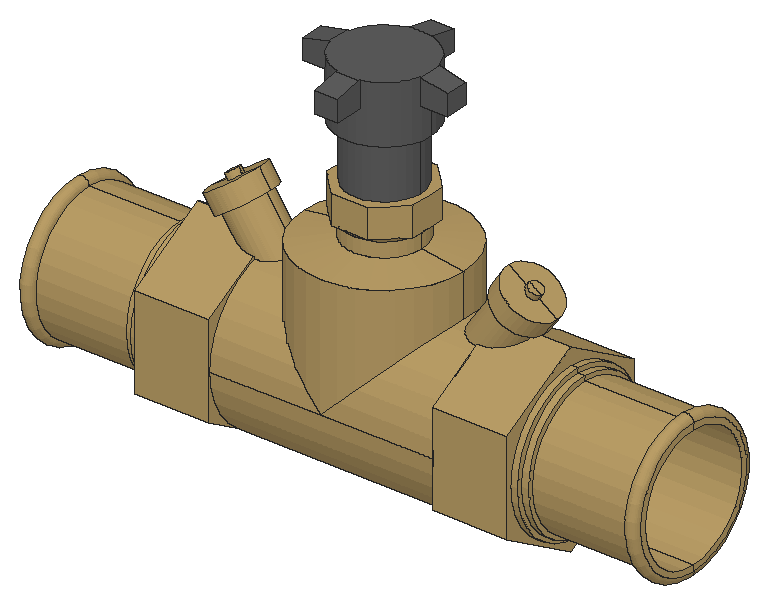
Revit family "oventrop_hycocon-vpz_1061751-60rfa", category Арматура трубопроводов, Revit 2017
Family settings
  Размер круглого соединителя = Использовать радиус
  Тип детали = Клапан - Вставляется
  Номер OmniClass = 23.65.55.14.17
  Заголовок OmniClass = Adjusting/Controlling Valves for Liquid Services
  На основе рабочей плоскости = Нет
  Всегда вертикально = Да
  При загрузке вырезать с полостями = Нет
  Общий = Нет
Parameters (values of type "DN 40-42 mm")
  t2 = Female_Port_Width / 5  # 5.140 mm
  e2 = PressConnection_Dimension / 16  # 2.344 mm
  built-in parameter 1114242 [instance] = 1
  Stabu Code = ""
  Revit Version = "2015"  # constant formula
  Product Line = "Oventrop"  # constant formula
  PressConnection_Dimension = 37.500 mm
  MEPcontent Class = "VALVE_BALANCING"  # constant formula
  Language = ""
  IFCExportType = "PRESSUREREDUCING"
  IFCExportAs = "IfcValveType"
  Function Code [instance] = ""
  Female_Port_Width = 25.700 mm
  Family Version = "10.14"  # constant formula
  ETIM Article Class = "EC011463"
  EMCS Version = "2.0"  # constant formula
  Custom = no
  CB-NL Class = ""
  Bonnet_width = if(NominalDiameter < 30.000 mm, 38.000 mm, 50.000 mm)  # 50.000 mm
  Wholesaler Art. No. = ""
  Wholesaler = ""
  URL = "http://file-system.ru/catalog/zdaniya_i_sooruzheniya/kommunikatsii/oborudovanie_dlya_sistem_vodosnabzheniya_i_vodootvedeniya/hycocon_vpz_ventil_reguliruyushchiy/"
  SW2 = Nut_Dimension / sqrt(3 / 4)  # 63.509 mm
  Nut_Dimension = 55.000 mm
  Rad5 = 10.000 mm  # constant formula
  Rad4_a = (2 * Rad4) / (1 + sqrt(2))  # 12.426 mm
  Rad4 = 15.000 mm  # constant formula
  Rad3 = Rad4 - 2.000 mm  # 13.000 mm
  Rad2 = (Nut_Dimension / 2)  # 27.500 mm
  Rad1 = Diameter / 2  # 21.000 mm
  Pressure Drop = 0.0 Pa
  Diameter = 42.000 mm
  Radius [instance] = Diameter / 2  # 21.000 mm
  NominalDiameter = 40.000 mm
  Группа модели = "Hycocon VPZ 10617"
  Изготовитель = "Oventrop"  # constant formula
  L1 = 0.85 * NominalDiameter + 15.000 mm  # 49.000 mm
  Length = 139.000 mm
  Internal Art. No. = ""
  H2 = (SW2 / 2) / sin(Angle) + (Rad5 / tan(Angle)) + 1.000 mm  # 46.767 mm
  H1 = Height - 53.000 mm - 5.000 mm  # 42.000 mm
  Height = 100.000 mm
  GTIN = "4026755343731"
  Описание = "Brass balancing valve both ports press connection"  # constant formula
  Manufacturer URL = "http://www.oventrop.de/ArticleInfo.aspx?art=1061760"
  D = 60.000 mm
  Brass = Color RGB 168-128-48
  Bonnet = Color RGB 35-35-35
  Article Type = "Hycocon VPZ 10617"  # constant formula
  Article Description = "Brass balancing valve both ports press connection"  # constant formula
  Angle = 55.00°  # constant formula
  Manufacturer Art. No. = "1061760"
Types (6, lengths in mm): name | t2 | e2 | PressConnection_Dimension | Female_Port_Width | Bonnet_width | URL | SW2 | Nut_Dimension | Rad2 | Rad1 | Diameter | Radius | NominalDiameter | L1 | Length | H2 | H1 | Height | GTIN | Manufacturer URL | D | Manufacturer Art. No.
  DN 15-15 mm | 2.640 | 1.125 | 18.000 | 13.200 | 38.000 | "www.stabiplan.com" | 31.177 | 27.000 | 13.500 | 7.500 | 15.000 | 7.500 | 15.000 | 27.750 | 85.000 | 27.032 | 19.000 | 77.000 | "4026755343687" | "http://www.oventrop.de/ArticleInfo.aspx?art=1061751" | 21.000 | "1061751"
  DN 15-18 mm | 2.100 | 1.250 | 20.000 | 10.500 | 38.000 | "www.stabiplan.com" | 31.177 | 27.000 | 13.500 | 9.000 | 18.000 | 9.000 | 15.000 | 27.750 | 85.000 | 27.032 | 19.000 | 77.000 | "4026755343694" | "http://www.oventrop.de/ArticleInfo.aspx?art=1061752" | 26.000 | "1061752"
  DN 20-22 mm | 3.360 | 1.500 | 24.000 | 16.800 | 38.000 | "www.stabiplan.com" | 36.950 | 32.000 | 16.000 | 11.000 | 22.000 | 11.000 | 20.000 | 32.000 | 89.000 | 30.556 | 21.000 | 79.000 | "4026755343700" | "http://www.oventrop.de/ArticleInfo.aspx?art=1061754" | 33.000 | "1061754"
  DN 25-28 mm | 3.820 | 1.688 | 27.000 | 19.100 | 38.000 | "www.stabiplan.com" | 47.343 | 41.000 | 20.500 | 14.000 | 28.000 | 14.000 | 25.000 | 36.250 | 99.000 | 36.899 | 23.000 | 81.000 | "4026755343717" | "http://www.oventrop.de/ArticleInfo.aspx?art=1061756" | 42.000 | "1061756"
  DN 32-35 mm | 3.820 | 2.000 | 32.000 | 19.100 | 50.000 | "www.stabiplan.com" | 57.735 | 50.000 | 25.000 | 17.500 | 35.000 | 17.500 | 32.000 | 42.200 | 124.000 | 43.243 | 33.000 | 91.000 | "4026755343724" | "http://www.oventrop.de/ArticleInfo.aspx?art=1061758" | 48.000 | "1061758"
  DN 40-42 mm | 5.140 | 2.344 | 37.500 | 25.700 | 50.000 | "http://file-system.ru/catalog/zdaniya_i_sooruzheniya/kommunikatsii/oborudovanie_dlya_sistem_vodosnabzheniya_i_vodootvedeniya/hycocon_vpz_ventil_reguliruyushchiy/" | 63.509 | 55.000 | 27.500 | 21.000 | 42.000 | 21.000 | 40.000 | 49.000 | 139.000 | 46.767 | 42.000 | 100.000 | "4026755343731" | "http://www.oventrop.de/ArticleInfo.aspx?art=1061760" | 60.000 | "1061760"
Reference planes
  plane 1 "Center (Front/Back)": y = 0
  plane 2: z = 0
  plane 3 "Center (Left/Right)": x = 0
  plane 4: x = 69.5
  plane 5: x = -69.5
  plane 6: x = -43.8
  plane 7: x = 43.8
  plane 8: z = 100
  plane 9: z = 85
  plane 10: z = 91
  plane 11: z = 80
  plane 12: z = 61
  plane 13: z = 51
  plane 14: z = 49
  plane 15: z = 42
  plane 16: z = 98
  plane 17: y = 27.5
  plane 18: y = -27.5
  plane 19: z = 31.754
  plane 20: z = -31.754
  plane 21: x = -38.66
  plane 22: x = 38.66
  plane 23: x = -25
  plane 24: x = 25
  plane 25: x = 16
  plane 26: x = -16
  plane 27: x = -4
  plane 28: x = 4
  plane 29: y = 4
  plane 30: y = -4
  plane 31: y = 16
  plane 32: y = 25
  plane 33: y = -16
  plane 34: y = -25
  plane 35: x = -15
  plane 36: x = 15
  plane 37: x = 13
  plane 38: z = 44
  plane 39: x = 27.5
  plane 40: x = -6.213
  plane 41: x = 6.213
  plane 42: y = 6.213
  plane 43: y = 15
  plane 44: y = -6.213
  plane 45: y = -15
  plane 46: x = -20.5
  plane 47: x = 20.5
  plane 48: x = -107
  plane 49: x = 107
  plane 50: x = 64.36
  plane 51: x = 66.93
  plane 52: x = -64.36
  plane 53: x = -66.93
Forms (mm)
  Extrusion 1, solid, material "Color RGB 168-128-48" <- "Brass", detail levels fine
    sketch origin (0, 0, 0) x (0, 1, 0) y (0, 0, 1)
      loop
        line (0, 31.754) -> (-27.5, 15.877) -> (-27.5, -15.877) -> (0, -31.754) -> (27.5, -15.877) -> (27.5, 15.877) -> (0, 31.754)
    from 38.66 to 64.36
  Extrusion 2, solid, material "Color RGB 168-128-48" <- "Brass", detail levels fine
    sketch origin (0, 0, 0) x (0, 1, 0) y (0, 0, 1)
      loop
        line (0, 31.754) -> (-27.5, 15.877) -> (-27.5, -15.877) -> (0, -31.754) -> (27.5, -15.877) -> (27.5, 15.877) -> (0, 31.754)
    from -38.66 to -64.36
  Extrusion 3, solid, material "Color RGB 168-128-48" <- "Brass", detail levels fine
    sketch origin (0, 0, 0) x (0, 1, 0) y (0, 0, 1)
      loop
        circle (0, 0) r 21
    from 38.66 to 69.5
  Extrusion 4, solid, material "Color RGB 168-128-48" <- "Brass", detail levels fine
    sketch origin (0, 0, 0) x (0, 1, 0) y (0, 0, 1)
      loop
        circle (0, 0) r 27.5
    from -38.66 to 38.66
  Extrusion 5, solid, material "Color RGB 168-128-48" <- "Brass", detail levels fine
    sketch origin (0, 0, 0) x (0, 1, 0) y (0, 0, 1)
      loop
        circle (0, 0) r 21
    from -38.66 to -69.5
  Revolve 6, solid, material "Color RGB 35-35-35" <- "Bonnet", detail levels fine
    sketch origin (0, 0, 0) x (1, 0, 0) y (0, 0, 1)
      loop
        line (0, 100) -> (0, 61) -> (12.5, 61) -> (12.5, 80) -> (16, 80) -> (16, 100) -> (0, 100)
      axis (0, 100) -> (0, 61)
    angle from 0 to 360
  Extrusion 7, solid, material "Color RGB 35-35-35" <- "Bonnet", detail levels fine
    sketch origin (0, 0, 0) x (1, 0, 0) y (0, 0, 1)
      loop
        line (-16, 100) -> (-25, 98) -> (-25, 91) -> (25, 91) -> (25, 98) -> (16, 100) -> (-16, 100)
    from -4 to 4
  Extrusion 8, solid, material "Color RGB 35-35-35" <- "Bonnet", detail levels fine
    sketch origin (0, 0, 0) x (0, 1, 0) y (0, 0, 1)
      loop
        line (16, 100) -> (-16, 100) -> (-25, 98) -> (-25, 91) -> (25, 91) -> (25, 98) -> (16, 100)
    from -4 to 4
  Revolve 9, solid, material "Color RGB 168-128-48" <- "Brass", detail levels fine
    sketch origin (0, 0, 0) x (1, 0, 0) y (0, 0, 1)
      loop
        line (0, 61) -> (0, 0) -> (27.5, 0) -> (27.5, 42) -> (13, 44) -> (13, 49) -> (15, 51) -> (15, 61) -> (0, 61)
      axis (0, 61) -> (0, 0)
    angle from 0 to 360
  Extrusion 10, solid, material "Color RGB 168-128-48" <- "Brass", detail levels fine
    sketch origin (73.299, -1524, 51) x (0, -1, 0) y (-1, 0, 0)
      loop
        line (-1539, 79.512) -> (-1539, 67.086) -> (-1530.213, 58.299) -> (-1517.787, 58.299) -> (-1509, 67.086) -> (-1509, 79.512) -> (-1517.787, 88.299) -> (-1530.213, 88.299) -> (-1539, 79.512)
    from 0 to -10
  Revolve 11, solid, material "Color RGB 168-128-48" <- "Brass", detail levels fine
    sketch origin (-20.5, 0, 0) x (-0.573576, 0, 0.819152) y (-0.819152, 0, -0.573576)
      loop
        line (0, 0) -> (0, -8) -> (46.767, -8) -> (46.767, -10) -> (53.767, -10) -> (53.767, -2.5) -> (55.767, -2.5) -> (55.767, 0) -> (0, 0)
      axis (0, 0) -> (55.767, 0)
    angle from 0 to 360
  Revolve 12, solid, material "Color RGB 168-128-48" <- "Brass", detail levels fine
    sketch origin (20.5, 0, 0) x (0.573576, 0, 0.819152) y (-0.819152, 0, 0.573576)
      loop
        line (0, 0) -> (0, -8) -> (46.767, -8) -> (46.767, -10) -> (53.767, -10) -> (53.767, -2.5) -> (55.767, -2.5) -> (55.767, 0) -> (0, 0)
      axis (0, 0) -> (55.767, 0)
    angle from 0 to 360
  Revolve 13, solid, material "Color RGB 168-128-48" <- "Brass", detail levels fine
    sketch origin (0, 0, 0) x (1, 0, 0) y (0, 0, 1)
      loop
        line (-69.5, 23) -> (-102.313, 23)
        arc (-102.313, 23) -> (-104.656, 25.344) -> (-107, 23) r 2.344
        line (-107, 23) -> (-107, 21) -> (-64.36, 21) -> (-64.36, 26) -> (-66.93, 26) -> (-66.93, 24.5) -> (-69.5, 24.5) -> (-69.5, 23)
      loop
        line (69.5, 23) -> (69.5, 24.5) -> (66.93, 24.5) -> (66.93, 26) -> (64.36, 26) -> (64.36, 21) -> (107, 21) -> (107, 23)
        arc (107, 23) -> (104.656, 25.344) -> (102.312, 23) r 2.344
        line (102.312, 23) -> (69.5, 23)
      axis (-107, 0) -> (107, 0)
    angle from 0 to 360
Cuts and joins
  joined: Revolve 6, Extrusion 7, Extrusion 8
  joined: Extrusion 4, Revolve 9, Extrusion 10, Revolve 11, Revolve 12
Lines and regions (mm)
  reference lines
    curve 1: line (0, 0, 31.754) -> (0, -55, 0)
    curve 2: line (0, 0, -31.754) -> (0, 55, 0)
    curve 3: line (0, 0, -31.754) -> (0, -55, 0)
    curve 4: line (0, 0, 31.754) -> (0, 55, 0)
    curve 5: line (-20.5, 0, 0) -> (-57.782, 0, 53.245)
    curve 6: line (20.5, 0, 0) -> (57.782, 0, 53.245)
  model lines, style "Accessories", detail levels coarse+medium
    curve 7: circle (0, 0, 0) r 21 normal (1, 0, 0)
    curve 8: line (-69.5, 0, 31.754) -> (-69.5, 0, -31.754)
    curve 9: line (69.5, 0, -31.754) -> (69.5, 0, 31.754)
    curve 10: line (69.5, 0, 31.754) -> (-69.5, 0, -31.754)
    curve 11: line (-69.5, 0, 31.754) -> (69.5, 0, -31.754)
    curve 12: line (-69.5, 27.5, 0) -> (-69.5, -27.5, 0)
    curve 13: line (69.5, -27.5, 0) -> (69.5, 27.5, 0)
    curve 14: line (69.5, 27.5, 0) -> (-69.5, -27.5, 0)
    curve 15: line (-69.5, 27.5, 0) -> (69.5, -27.5, 0)
Dimensions and locks
  equal spacing: plane 17, plane 1 "Center (Front/Back)", plane 18
  "Nut_Dimension": plane 17 to plane 18
  equal spacing: plane 19, level, plane 20
  "SW2": plane 19 to plane 20
  equal spacing: curve 4, plane 1 "Center (Front/Back)", curve 3
  "Nut_Dimension": curve 4 to curve 3
  equal spacing: curve 2, plane 1 "Center (Front/Back)", curve 1
  "Nut_Dimension": curve 2 to curve 1
  "Female_Port_Width": plane 4 to plane 7
  "Female_Port_Width": plane 5 to plane 6
  "t2": plane 21 to plane 6
  "t2": plane 22 to plane 7
  "H1": plane 15 to level
  "Height": plane 8 to level
  locked: plane 8 to plane 16 at 2
  locked: plane 8 to plane 10 at 9
  locked: plane 10 to plane 9 at 6
  locked: plane 9 to plane 11 at 5
  locked: plane 11 to plane 12 at 19
  locked: plane 12 to plane 13 at 10
  locked: plane 13 to plane 14 at 2
  equal spacing: plane 24, plane 3 "Center (Left/Right)", plane 23
  "Bonnet_width": plane 24 to plane 23
  equal spacing: plane 25, plane 3 "Center (Left/Right)", plane 26
  locked: plane 25 to plane 3 "Center (Left/Right)" at 16
  locked: plane 25 to Revolve 6 sketch curve at 3.5
  equal spacing: plane 28, plane 3 "Center (Left/Right)", plane 27
  locked: plane 28 to plane 3 "Center (Left/Right)" at 4
  equal spacing: plane 29, plane 1 "Center (Front/Back)", plane 30
  locked: plane 1 "Center (Front/Back)" to plane 30 at 4
  equal spacing: plane 32, plane 1 "Center (Front/Back)", plane 34
  equal spacing: plane 31, plane 1 "Center (Front/Back)", plane 33
  locked: plane 1 "Center (Front/Back)" to plane 33 at 16
  "Bonnet_width": plane 32 to plane 34
  equal spacing: plane 36, plane 3 "Center (Left/Right)", plane 35
  "Rad4": plane 36 to plane 3 "Center (Left/Right)"
  "Rad3": plane 37 to plane 3 "Center (Left/Right)"
  locked: plane 38 to plane 15 at 2
  "Rad2": plane 39 to plane 3 "Center (Left/Right)"
  equal spacing: plane 45, plane 1 "Center (Front/Back)", plane 43
  "Rad4": plane 1 "Center (Front/Back)" to plane 43
  equal spacing: plane 44, plane 1 "Center (Front/Back)", plane 42
  "Rad4_a": plane 42 to plane 44
  equal spacing: plane 41, plane 3 "Center (Left/Right)", plane 40
  "Rad4_a": plane 41 to plane 40
  equal spacing: plane 47, plane 3 "Center (Left/Right)", plane 46
  "L1": plane 46 to plane 5
  locked: Revolve 11 sketch curve to curve 5 at 2.5
  "Rad5": Revolve 11 sketch curve to curve 5
  "H2": Revolve 11 sketch curve to Revolve 11 sketch curve
  locked: Revolve 11 sketch curve to Revolve 11 sketch curve at 7
  locked: Revolve 11 sketch curve to Revolve 11 sketch curve at 2  (x2)
  "Rad5": Revolve 12 sketch curve to curve 6
  locked: Revolve 12 sketch curve to Revolve 12 sketch curve at 2  (x2)
  locked: Revolve 12 sketch curve to curve 6 at 2.5
  locked: Revolve 12 sketch curve to Revolve 12 sketch curve at 7
  "H2": Revolve 12 sketch curve to Revolve 12 sketch curve
  locked: plane 1 "Center (Front/Back)" to curve 7  (x2)
  locked: level to curve 7  (x2)
  equal spacing: plane 49, plane 3 "Center (Left/Right)", plane 48
  equal spacing: plane 4, plane 51, plane 50
  "t2": plane 4 to plane 50
  "PressConnection_Dimension": plane 48 to plane 5
  equal spacing: plane 5, plane 3 "Center (Left/Right)", plane 4
  "Length": plane 5 to plane 4
  equal spacing: plane 5, plane 53, plane 52
  "t2": plane 5 to plane 52
  locked: Revolve 13 sketch curve to Revolve 13 sketch curve at 2  (x2)
  equal spacing: Revolve 13 sketch curve, Revolve 13 sketch curve, Revolve 13 sketch curve  (x2)
  locked: Revolve 13 sketch curve to Revolve 13 sketch curve at 1.5  (x2)
  "Radius": Revolve 13 sketch curve to level  (x2)
  "Rad1": radius of Extrusion 3 sketch curve
  "Rad2": radius of Extrusion 4 sketch curve
  "Rad1": radius of Extrusion 5 sketch curve
  "Radius": radius of curve 7
  "e2": radius of Revolve 13 sketch curve  (x2)
  "Angle": angle level to curve 6
  "Angle": angle curve 5 to level
  aligned and locked: level to plane 2
  aligned and locked: plane 19 to curve 1
  aligned and locked: level to curve 1
  aligned and locked: plane 1 "Center (Front/Back)" to curve 1
  aligned and locked: Extrusion 1 sketch curve to curve 1
  aligned and locked: plane 18 to Extrusion 1 sketch curve
  aligned and locked: Extrusion 1 sketch curve to curve 3
  aligned and locked: Extrusion 1 sketch curve to curve 2
  aligned and locked: Extrusion 1 sketch curve to plane 17
  aligned and locked: Extrusion 1 sketch curve to curve 4
  aligned and locked: Extrusion 2 sketch curve to curve 1
  aligned and locked: plane 18 to Extrusion 2 sketch curve
  aligned and locked: Extrusion 2 sketch curve to curve 3
  aligned and locked: Extrusion 2 sketch curve to curve 2
  aligned and locked: Extrusion 2 sketch curve to plane 17
  aligned and locked: Extrusion 2 sketch curve to curve 4
  aligned and locked: plane 21 to Extrusion 2
  aligned and locked: Extrusion 1 to plane 22
  aligned and locked: plane 21 to Extrusion 5
  aligned and locked: Extrusion 3 to plane 22  (x3)
  aligned and locked: Extrusion 4 to plane 21
  aligned and locked: plane 22 to Extrusion 4
  aligned and locked: Revolve 6 sketch curve to plane 8
  aligned and locked: Revolve 6 sketch curve to plane 11
  aligned and locked: plane 12 to Revolve 6 sketch curve
  aligned and locked: plane 3 "Center (Left/Right)" to Revolve 6 sketch curve
  aligned and locked: Revolve 6 sketch curve to plane 3 "Center (Left/Right)"
  aligned and locked: Revolve 6 sketch curve to plane 25
  aligned and locked: plane 25 to Extrusion 7 sketch curve
  aligned and locked: Extrusion 7 sketch curve to plane 8
  aligned and locked: plane 16 to Extrusion 7 sketch curve  (x2)
  aligned and locked: Extrusion 7 sketch curve to plane 24
  aligned and locked: plane 26 to Extrusion 7 sketch curve
  aligned and locked: Extrusion 7 sketch curve to plane 23
  aligned and locked: Extrusion 7 sketch curve to plane 10
  aligned and locked: plane 30 to Extrusion 7
  aligned and locked: Extrusion 7 to plane 29
  aligned and locked: Extrusion 8 sketch curve to plane 31
  aligned and locked: Extrusion 8 sketch curve to plane 33
  aligned and locked: plane 8 to Extrusion 8 sketch curve
  aligned and locked: Extrusion 8 sketch curve to plane 10
  aligned and locked: plane 16 to Extrusion 8 sketch curve  (x2)
  aligned and locked: plane 32 to Extrusion 8 sketch curve
  aligned and locked: plane 34 to Extrusion 8 sketch curve
  aligned and locked: Extrusion 8 to plane 28
  aligned and locked: Extrusion 8 to plane 27
  aligned and locked: Revolve 9 sketch curve to plane 12
  aligned and locked: plane 13 to Revolve 9 sketch curve
  aligned and locked: Revolve 9 sketch curve to plane 36
  aligned and locked: plane 14 to Revolve 9 sketch curve
  aligned and locked: Revolve 9 sketch curve to plane 37
  aligned and locked: plane 38 to Revolve 9 sketch curve
  aligned and locked: Revolve 9 sketch curve to plane 3 "Center (Left/Right)"  (x2)
  aligned and locked: plane 15 to Revolve 9 sketch curve
  aligned and locked: plane 2 to Revolve 9 sketch curve
  aligned and locked: Revolve 9 sketch curve to plane 39
  aligned and locked: plane 40 to Extrusion 10 sketch curve  (x2)
  aligned and locked: plane 41 to Extrusion 10 sketch curve  (x2)
  aligned and locked: Extrusion 10 sketch curve to plane 43
  aligned and locked: plane 44 to Extrusion 10 sketch curve  (x2)
  aligned and locked: Extrusion 10 sketch curve to plane 36
  aligned and locked: Extrusion 10 sketch curve to plane 45
  aligned and locked: plane 42 to Extrusion 10 sketch curve
  aligned and locked: Extrusion 10 sketch curve to plane 35
  aligned and locked: plane 12 to Extrusion 10
  aligned and locked: plane 13 to Extrusion 10
  aligned and locked: plane 2 to curve 5
  aligned and locked: plane 2 to curve 6
  aligned and locked: plane 46 to curve 5
  aligned and locked: plane 47 to curve 6
  aligned and locked: Revolve 11 sketch curve to curve 5  (x2)
  aligned and locked: Revolve 12 sketch curve to curve 6  (x3)
  aligned and locked: plane 19 to curve 8
  aligned and locked: plane 20 to curve 8
  aligned and locked: plane 20 to curve 9
  aligned and locked: plane 19 to curve 9
  aligned and locked: plane 17 to curve 12
  aligned and locked: plane 18 to curve 12
  aligned and locked: plane 18 to curve 13
  aligned and locked: plane 50 to Extrusion 1
  aligned and locked: plane 4 to Extrusion 3  (x2)
  aligned and locked: plane 5 to curve 10
  aligned and locked: plane 4 to curve 10
  aligned and locked: plane 4 to curve 11
  aligned and locked: plane 5 to curve 15
  aligned and locked: plane 17 to curve 14
  aligned and locked: Extrusion 1 to plane 50
  aligned and locked: plane 5 to curve 8
  aligned and locked: Extrusion 3 to plane 4
  aligned and locked: plane 22 to cut or joined group of Extrusion 4, Revolve 9, Extrusion 10, Revolve 11, Revolve 12
  aligned and locked: plane 22 to Extrusion 1  (x3)
  aligned and locked: curve 15 to curve 6
  aligned and locked: plane 52 to Extrusion 2
  aligned and locked: plane 5 to Extrusion 5
  aligned and locked: plane 48 to Revolve 13 sketch curve
  aligned and locked: plane 52 to Revolve 13 sketch curve
  aligned and locked: plane 53 to Revolve 13 sketch curve
  aligned and locked: Revolve 13 sketch curve to plane 5
  aligned and locked: Revolve 13 sketch curve to plane 50
  aligned and locked: plane 51 to Revolve 13 sketch curve
  aligned and locked: plane 4 to Revolve 13 sketch curve
  aligned and locked: Revolve 13 sketch curve to level
Automatic sketch dimensions
  plane 20 to Revolve 6 sketch curve = 350.456 mm
  plane 8 to Revolve 6 sketch curve = 2137.315 mm
  plane 20 to Revolve 9 sketch curve = 350.456 mm
  plane 8 to Revolve 9 sketch curve = 2137.315 mm
  Extrusion 10 sketch curve to plane 42 = 0.000 mm
  curve 14 to plane 4 = 0.000 mm
  curve 7 to level = 0.000 mm
  curve 7 to plane 1 "Center (Front/Back)" = 0.000 mm
  Extrusion 3 sketch curve to level = 0.000 mm
  Extrusion 3 sketch curve to plane 1 "Center (Front/Back)" = 0.000 mm
  Extrusion 4 sketch curve to level = 0.000 mm
  Extrusion 4 sketch curve to plane 1 "Center (Front/Back)" = 0.000 mm
  Extrusion 5 sketch curve to level = 0.000 mm
  Extrusion 5 sketch curve to plane 1 "Center (Front/Back)" = 0.000 mm
  Revolve 11 sketch curve to curve 5 = 0.000 mm  (x3)
  Revolve 12 sketch curve to curve 6 = 0.000 mm  (x2)
  plane 49 to Revolve 13 sketch curve = 0.000 mm
  Revolve 13 sketch curve to plane 48 = 1291.490 mm
  Revolve 13 sketch curve to plane 49 = 1838.483 mm
Connectors
  piping at (-69.5, 0, 0), diameter 42, driven by "Radius"
    settings: on Extrusion 5, index 1, connector inside diameter 15.000 mm, connector length 0.000 mm, flow factor 0, pipe flow 0.0 L/s, pressure drop 0.0 Pa, fitting loss kfactor 0, connector angle 0.00°, fixture units 0, engagement length 0.000 mm, angle of deflection 0.00°, flow configuration 0, flow direction 1, fitting loss method 4, system type 29, joint type 0, gender type 0, connector reference index 2, connector utility 0, adjustable connector no, is connector primary yes, connector description "Global In"
  piping at (69.5, 0, 0), diameter 42, driven by "Radius"
    settings: on Extrusion 3, index 2, connector inside diameter 15.000 mm, connector length 0.000 mm, flow factor 0, pipe flow 0.0 L/s, pressure drop 0.0 Pa, fitting loss kfactor 0, connector angle 0.00°, fixture units 0, engagement length 0.000 mm, angle of deflection 0.00°, flow configuration 0, flow direction 2, fitting loss method 4, system type 29, joint type 0, gender type 0, connector reference index 1, connector utility 0, adjustable connector no, is connector primary no, connector description "Global Out"
